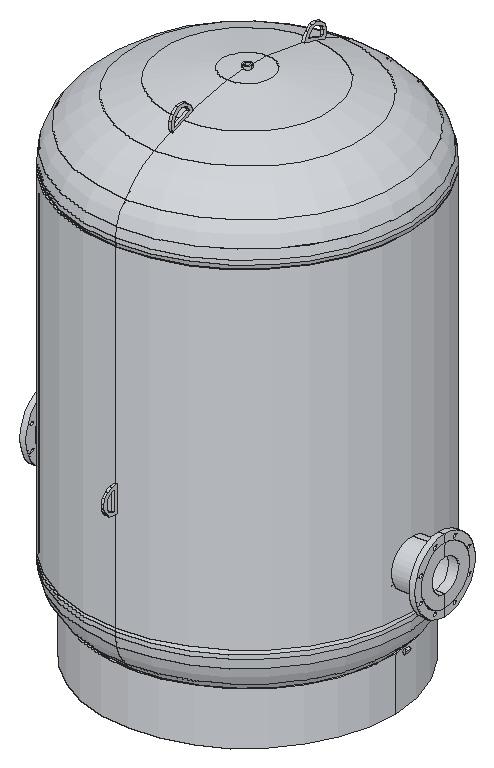
Revit family "CBT-1040-8", category Generic Models, Revit 2014
Parameters (values of type "CBT-1040-8")
  URL = "http://westank.com/"
  Tank Volume = 1040.00 gal
  Part Number = 55601040
  Model = "CBT-1040-8"
  Maximum Shipping Weight = 1945 lbf
  Flange Connector Diameter = 8"
  Description = "Wessels ASME Chilled Water Buffer Tanks (CBT) are designed for chilled water systems with insufficient water volume capacity in relation to the chiller capacity."
  D = 25 3/4"
  C = 54"
  B = 96"
  A = 60"
Reference planes (in)
  plane 1 "Center (Front/Back)": y = 0
  plane 2: z = 0
  plane 3 "Center (Left/Right)": x = 0
  plane 4: through (12.55282, -180, 5.24135) normal (0.8192, 0, -0.5736)
  plane 5: z = 0
  plane 6: x = -0.0258
  plane 7: x = -27
  plane 8: x = 27
  plane 9: x = -30
  plane 10: x = 30
  plane 11: z = 96
  plane 12: z = 25.75
Forms (in)
  Revolve 1, solid
    sketch origin (0, -0.02949, -0.00977) x (0, 1, 0) y (0, 0, 1)
      loop
        line (-29.97363, 17.73105) -> (-29.6633, 17.73105) -> (-29.97363, 16.99998)
        arc (-29.97363, 16.99998) -> (-29.9905, 16.6112) -> (-29.97363, 16.22243) r 4.48712
        arc (-29.97363, 16.22243) -> (-29.85895, 15.37903) -> (-29.6633, 14.55067) r 8.79754
        arc (-29.6633, 14.55067) -> (-28.88711, 12.6325) -> (-27.73091, 10.91637) r 9.94886
        arc (-27.73091, 10.91637) -> (-24.67675, 8.01497) -> (-21.0459, 5.87885) r 18.51926
        arc (-21.0459, 5.87885) -> (-18.06575, 4.56266) -> (-14.9758, 3.53023) r 34.88269
        arc (-14.9758, 3.53023) -> (-9.78068, 2.34042) -> (-4.49193, 1.68164) r 52.6783
        arc (-4.49193, 1.68164) -> (-2.23516, 1.55333) -> (0.02461, 1.49966) r 68.40081
        line (0.02461, 1.49966) -> (0.02461, 1.85123)
        arc (0.02461, 1.85123) -> (-2.22228, 1.90466) -> (-4.46617, 2.03225) r 68.04924
        arc (-4.46617, 2.03225) -> (-9.71963, 2.68664) -> (-14.88008, 3.86851) r 52.32673
        arc (-14.88008, 3.86851) -> (-17.94257, 4.89196) -> (-20.89606, 6.19699) r 34.53113
        arc (-20.89606, 6.19699) -> (-24.46204, 8.29337) -> (-27.46136, 11.14207) r 18.1677
        arc (-27.46136, 11.14207) -> (-28.5767, 12.79754) -> (-29.32546, 14.64794) r 9.5973
        arc (-29.32546, 14.64794) -> (-29.51329, 15.4432) -> (-29.62339, 16.25289) r 8.44598
        arc (-29.62339, 16.25289) -> (-29.63885, 16.58387) -> (-29.62776, 16.91503) r 4.13556
        line (-29.62776, 16.91503) -> (-29.33969, 17.59369) -> (-29.33969, 17.74998) -> (-29.6633, 17.74998) -> (-29.6633, 79.75016) -> (-29.33969, 79.75016) -> (-29.33969, 79.90645) -> (-29.62776, 80.58511)
        arc (-29.62776, 80.58511) -> (-29.63885, 80.91627) -> (-29.62339, 81.24725) r 4.13556
        arc (-29.62339, 81.24725) -> (-29.51329, 82.05694) -> (-29.32546, 82.8522) r 8.44598
        arc (-29.32546, 82.8522) -> (-28.5767, 84.70259) -> (-27.46136, 86.35807) r 9.5973
        arc (-27.46136, 86.35807) -> (-24.46204, 89.20676) -> (-20.89606, 91.30315) r 18.1677
        arc (-20.89606, 91.30315) -> (-17.94257, 92.60818) -> (-14.88008, 93.63163) r 34.53113
        arc (-14.88008, 93.63163) -> (-9.71963, 94.81349) -> (-4.46617, 95.46788) r 52.32673
        arc (-4.46617, 95.46788) -> (-2.22228, 95.59548) -> (0.02461, 95.6489) r 68.04924
        line (0.02461, 95.6489) -> (0.02461, 96.00047)
        arc (0.02461, 96.00047) -> (-2.23516, 95.94681) -> (-4.49193, 95.8185) r 68.40081
        arc (-4.49193, 95.8185) -> (-9.78068, 95.15972) -> (-14.9758, 93.96991) r 52.6783
        arc (-14.9758, 93.96991) -> (-18.06575, 92.93748) -> (-21.0459, 91.62128) r 34.88269
        arc (-21.0459, 91.62128) -> (-24.67675, 89.48517) -> (-27.73091, 86.58376) r 18.51926
        arc (-27.73091, 86.58376) -> (-28.88711, 84.86764) -> (-29.6633, 82.94946) r 9.94886
        arc (-29.6633, 82.94946) -> (-29.85895, 82.1211) -> (-29.97363, 81.27771) r 8.79754
        arc (-29.97363, 81.27771) -> (-29.9905, 80.88893) -> (-29.97363, 80.50016) r 4.48712
        line (-29.97363, 80.50016) -> (-29.6633, 79.76908) -> (-29.97363, 79.76908) -> (-29.97363, 17.73105)
      axis (0.02461, 1.49966) -> (0.02461, 96.00047)
    angle from 0 to 360
  Extrusion 2, solid
    sketch origin (28.26367, -180, 12.16905) x (0.574357, 0, 0.818605) y (0, -1, 0)
      loop
        line (-0.16036, -179.52645) -> (-0.95521, -179.68698) -> (-0.79485, -180.48095) -> (0, -180.32042) -> (-0.16036, -179.52645)
    from 1.02698 to 1.52678
  Extrusion 3, solid
    sketch origin (0, -18.00821, 14.98097) x (0, 1, 0) y (0, 0, 1)
      loop
        line (-11.93439, 21.33067) -> (-11.93439, 26.202)
        arc (-11.93439, 26.202) -> (-12.47846, 26.15164) -> (-13.01533, 26.05008) r 5.77422
        arc (-13.01533, 26.05008) -> (-13.49297, 25.89754) -> (-13.94252, 25.67548) r 3.35288
        arc (-13.94252, 25.67548) -> (-14.34081, 25.36666) -> (-14.64962, 24.96837) r 2.0073
        arc (-14.64962, 24.96837) -> (-14.80343, 24.58932) -> (-14.88788, 24.18906) r 2.30742
        arc (-14.88788, 24.18906) -> (-14.91277, 23.77188) -> (-14.88788, 23.3547) r 3.50846
        arc (-14.88788, 23.3547) -> (-14.79412, 22.92876) -> (-14.61961, 22.52904) r 2.24053
        arc (-14.61961, 22.52904) -> (-14.27401, 22.08806) -> (-13.80999, 21.77406) r 1.8078
        arc (-13.80999, 21.77406) -> (-13.34321, 21.55591) -> (-12.84107, 21.44044) r 2.44481
        arc (-12.84107, 21.44044) -> (-12.39043, 21.36326) -> (-11.93439, 21.33067) r 4.65484
      loop
        arc (-12.44611, 25.63929) -> (-12.67227, 25.60073) -> (-12.89654, 25.55235) r 5.2625
        arc (-12.89654, 25.55235) -> (-13.30128, 25.42308) -> (-13.68221, 25.23491) r 2.84116
        arc (-13.68221, 25.23491) -> (-13.97364, 25.01013) -> (-14.20134, 24.72098) r 1.49558
        arc (-14.20134, 24.72098) -> (-14.3163, 24.43235) -> (-14.37979, 24.12821) r 1.7957
        arc (-14.37979, 24.12821) -> (-14.40106, 23.77188) -> (-14.37979, 23.41555) r 2.99674
        arc (-14.37979, 23.41555) -> (-14.30745, 23.08689) -> (-14.17279, 22.77846) r 1.72881
        arc (-14.17279, 22.77846) -> (-13.91552, 22.45353) -> (-13.56884, 22.22643) r 1.29608
        arc (-13.56884, 22.22643) -> (-13.1779, 22.0402) -> (-12.75531, 21.94566) r 1.9331
        arc (-12.75531, 21.94566) -> (-12.60126, 21.91347) -> (-12.44611, 21.88716) r 4.14312
        line (-12.44611, 21.88716) -> (-12.44611, 25.63929)
    from -0.24366 to 0.25634
  Extrusion 4, solid
    sketch origin (0, -33.88542, 75.23871) x (0, 0.319235, -0.947675) y (0, 0.947675, 0.319235)
      loop
        arc (-11.9298, 25.67102) -> (-12.15596, 25.63246) -> (-12.38023, 25.58408) r 5.2625
        arc (-12.38023, 25.58408) -> (-12.78497, 25.45482) -> (-13.16591, 25.26664) r 2.84116
        arc (-13.16591, 25.26664) -> (-13.45733, 25.04186) -> (-13.68503, 24.75271) r 1.49558
        arc (-13.68503, 24.75271) -> (-13.8, 24.46408) -> (-13.86349, 24.15994) r 1.7957
        arc (-13.86349, 24.15994) -> (-13.88475, 23.80361) -> (-13.86349, 23.44728) r 2.99674
        arc (-13.86349, 23.44728) -> (-13.79114, 23.11862) -> (-13.65649, 22.81019) r 1.72881
        arc (-13.65649, 22.81019) -> (-13.39922, 22.48527) -> (-13.05253, 22.25816) r 1.29608
        arc (-13.05253, 22.25816) -> (-12.66159, 22.07193) -> (-12.239, 21.97739) r 1.9331
        arc (-12.239, 21.97739) -> (-12.08496, 21.94521) -> (-11.9298, 21.91889) r 4.14312
        line (-11.9298, 21.91889) -> (-11.9298, 25.67102)
      loop
        line (-11.41103, 21.34851) -> (-11.41103, 26.20181)
        arc (-11.41103, 26.20181) -> (-12.23704, 26.14877) -> (-13.02719, 25.90227) r 3.48194
        arc (-13.02719, 25.90227) -> (-13.54727, 25.6041) -> (-13.99851, 25.20943) r 3.03185
        arc (-13.99851, 25.20943) -> (-14.28248, 24.55653) -> (-14.39992, 23.8543) r 2.91879
        arc (-14.39992, 23.8543) -> (-14.3348, 23.1787) -> (-14.08611, 22.54717) r 2.44012
        arc (-14.08611, 22.54717) -> (-13.716, 22.08641) -> (-13.21844, 21.76749) r 1.83162
        arc (-13.21844, 21.76749) -> (-12.33366, 21.47637) -> (-11.41103, 21.34851) r 5.1769
    from -0.24366 to 0.25634
  Extrusion 5, solid
    sketch origin (0, 0, 0) x (1, 0, 0) y (0, 1, 0)
      loop
        circle (0, 0) r 0.75
      loop
        circle (0, 0) r 0.5
    from 95.70829 to 96.43302
  Extrusion 6, void
    sketch origin (0, 0, 0) x (1, 0, 0) y (0, 1, 0)
      loop
        circle (0, 0) r 0.5
    from 94.47772 to 96.88292
  Revolve 7, solid
    sketch origin (0, 0, 0) x (1, 0, 0) y (0, 0, 1)
      loop
        line (26.68524, 9.73105) -> (26.68524, 0) -> (26.99808, 0) -> (26.99808, 9.73105) -> (26.68524, 9.73105)
      axis (0, 9.73105) -> (0, 0)
    angle from 0 to 360
  Extrusion 8, void
    sketch origin (0, 0, 0.75) x (0, 1, 0) y (0, 0, 1)
      loop
        circle (0, 25) r 3.99051
    from -31.75655 to 32.4227
  Revolve 9, solid
    sketch origin (-4.98614, 0, 4.5004) x (-1, 0, 0) y (0, 0, 1)
      loop
        line (29.26193, 18.22631) -> (29.26193, 16.40585) -> (29.88885, 16.40585) -> (29.88885, 14.49948) -> (30.95129, 14.49948) -> (30.95129, 15.93698) -> (31.01386, 15.93698) -> (31.01386, 18.22631) -> (29.26193, 18.22631)
      axis (31.01386, 21.2496) -> (29.26193, 21.2496)
    angle from 0 to 360
  Revolve 10, solid
    sketch origin (-3.60333, 0, 4.47111) x (1, 0, 0) y (0, 0, 1)
      loop
        line (-31.27159, 17.28839) -> (-31.27159, 16.96639) -> (-24.89667, 16.96639) -> (-24.89667, 17.28839) -> (-31.27159, 17.28839)
      axis (-31.27159, 21.27889) -> (-24.89667, 21.27889)
    angle from 0 to 360
  Extrusion 11, void
    sketch origin (0, 0, 3.24977) x (0, 1, 0) y (0, 0, 1)
      loop
        circle (2.23754, 27.938) r 0.43083
      loop
        circle (-2.23752, 27.92813) r 0.44255
      loop
        circle (5.4208, 24.76768) r 0.42009
      loop
        circle (5.43999, 20.27075) r 0.43484
      loop
        circle (2.24212, 17.07311) r 0.43558
      loop
        circle (-2.26404, 17.07836) r 0.4271
      loop
        circle (-5.44433, 20.2559) r 0.42888
      loop
        circle (-5.4288, 24.7474) r 0.42838
    from -37.7315 to -32.22895
  Extrusion 12, solid
    sketch origin (0, 33.88542, 75.23871) x (0, -0.319235, -0.947675) y (0, 0.947675, -0.319235)
      loop
        line (-11.9298, -25.67102) -> (-11.9298, -21.91889)
        arc (-11.9298, -21.91889) -> (-12.08496, -21.94521) -> (-12.239, -21.97739) r 4.14312
        arc (-12.239, -21.97739) -> (-12.66159, -22.07193) -> (-13.05253, -22.25816) r 1.9331
        arc (-13.05253, -22.25816) -> (-13.39922, -22.48527) -> (-13.65649, -22.81019) r 1.29608
        arc (-13.65649, -22.81019) -> (-13.79114, -23.11862) -> (-13.86349, -23.44728) r 1.72881
        arc (-13.86349, -23.44728) -> (-13.88475, -23.80361) -> (-13.86349, -24.15994) r 2.99674
        arc (-13.86349, -24.15994) -> (-13.8, -24.46408) -> (-13.68503, -24.75271) r 1.7957
        arc (-13.68503, -24.75271) -> (-13.45733, -25.04186) -> (-13.16591, -25.26664) r 1.49558
        arc (-13.16591, -25.26664) -> (-12.78497, -25.45482) -> (-12.38023, -25.58408) r 2.84116
        arc (-12.38023, -25.58408) -> (-12.15596, -25.63246) -> (-11.9298, -25.67102) r 5.2625
      loop
        arc (-11.41103, -21.34851) -> (-12.33366, -21.47637) -> (-13.21844, -21.76749) r 5.1769
        arc (-13.21844, -21.76749) -> (-13.716, -22.08641) -> (-14.08611, -22.54717) r 1.83162
        arc (-14.08611, -22.54717) -> (-14.3348, -23.1787) -> (-14.39992, -23.8543) r 2.44012
        arc (-14.39992, -23.8543) -> (-14.28248, -24.55653) -> (-13.99851, -25.20943) r 2.91879
        arc (-13.99851, -25.20943) -> (-13.54727, -25.6041) -> (-13.02719, -25.90227) r 3.03185
        arc (-13.02719, -25.90227) -> (-12.23704, -26.14877) -> (-11.41103, -26.20181) r 3.48194
        line (-11.41103, -26.20181) -> (-11.41103, -21.34851)
    from -0.24366 to 0.25634
  Revolve 13, solid
    sketch origin (4.98614, 0, 4.5004) x (1, 0, 0) y (0, 0, 1)
      loop
        line (29.26193, 18.22631) -> (29.26193, 16.40585) -> (29.88885, 16.40585) -> (29.88885, 14.49948) -> (30.95129, 14.49948) -> (30.95129, 15.93698) -> (31.01386, 15.93698) -> (31.01386, 18.22631) -> (29.26193, 18.22631)
      axis (31.01386, 21.2496) -> (29.26193, 21.2496)
    angle from 0 to 360
  Revolve 14, solid
    sketch origin (3.60333, 0, 4.47111) x (-1, 0, 0) y (0, 0, 1)
      loop
        line (-31.27159, 17.28839) -> (-31.27159, 16.96639) -> (-24.89667, 16.96639) -> (-24.89667, 17.28839) -> (-31.27159, 17.28839)
      axis (-31.27159, 21.27889) -> (-24.89667, 21.27889)
    angle from 0 to 360
  Extrusion 15, void
    sketch origin (0, 0, 3.24977) x (0, 1, 0) y (0, 0, -1)
      loop
        circle (2.23754, -27.938) r 0.43083
      loop
        circle (-2.23752, -27.92813) r 0.44255
      loop
        circle (5.4208, -24.76768) r 0.42009
      loop
        circle (5.43999, -20.27075) r 0.43484
      loop
        circle (2.24212, -17.07311) r 0.43558
      loop
        circle (-2.26404, -17.07836) r 0.4271
      loop
        circle (-5.44433, -20.2559) r 0.42888
      loop
        circle (-5.4288, -24.7474) r 0.42838
    from -37.7315 to -32.22895
Cuts and joins
  joined: Extrusion 2, Extrusion 3, Extrusion 4, Extrusion 5, Revolve 7
  Extrusion 6, Extrusion 8, Extrusion 11 cuts Revolve 1
  Extrusion 11, Extrusion 15 cuts Revolve 9
  Extrusion 15 cuts Revolve 13
Dimensions and locks (in)
  "B": plane 11 to level
  equal spacing: plane 10, plane 3 "Center (Left/Right)", plane 9
  "A": plane 10 to plane 9
  equal spacing: plane 8, plane 3 "Center (Left/Right)", plane 7
  "C": plane 8 to plane 7
  aligned and locked: plane 2 to level
Automatic sketch dimensions
  Revolve 1 sketch curve to Revolve 1 sketch curve = 0"  (x48)
  Revolve 1 sketch curve to plane 12 = 8.02871"
  plane 1 "Center (Front/Back)" to Revolve 1 sketch curve = 30.00312"
  Revolve 1 sketch curve to plane 12 = 8.75979"
  Revolve 1 sketch curve to Revolve 1 sketch curve = 0.31032"
  Revolve 1 sketch curve to plane 12 = 8.84474"
  Revolve 1 sketch curve to Revolve 1 sketch curve = 0.34586"  (x2)
  Revolve 1 sketch curve to Revolve 1 sketch curve = 0.32361"  (x2)
  Revolve 1 sketch curve to plane 12 = 8.16608"
  Revolve 1 sketch curve to Revolve 1 sketch curve = 3.83631"  (x2)
  Revolve 1 sketch curve to Revolve 1 sketch curve = 4.29421"  (x2)
  Revolve 1 sketch curve to Revolve 1 sketch curve = 1.10638"  (x2)
  Revolve 1 sketch curve to plane 12 = 2.95466"
  Revolve 1 sketch curve to Revolve 1 sketch curve = 6.57121"  (x2)
  plane 1 "Center (Front/Back)" to Revolve 1 sketch curve = 5.50785"  (x2)
  plane 1 "Center (Front/Back)" to Revolve 1 sketch curve = 0.66268"  (x2)
  plane 1 "Center (Front/Back)" to Revolve 1 sketch curve = 0.00488"  (x3)
  Revolve 1 sketch curve to plane 1 "Center (Front/Back)" = 0.48901"  (x2)
  Revolve 1 sketch curve to Revolve 1 sketch curve = 0.98249"  (x2)
  level to Revolve 1 sketch curve = 1.84147"
  Revolve 1 sketch curve to Revolve 1 sketch curve = 45/128"
  Revolve 1 sketch curve to Revolve 1 sketch curve = 0.37347"
  Revolve 1 sketch curve to Revolve 1 sketch curve = 0.31853"  (x2)
  Revolve 1 sketch curve to Revolve 1 sketch curve = 0.01892"  (x2)
  plane 12 to Revolve 1 sketch curve = 1.84168"
  Revolve 1 sketch curve to Revolve 1 sketch curve = 9.49365"  (x2)
  Revolve 1 sketch curve to Revolve 1 sketch curve = 6.18662"  (x2)
  Revolve 1 sketch curve to Revolve 1 sketch curve = 10.93669"
  Revolve 1 sketch curve to Revolve 1 sketch curve = 4.79634"
  Revolve 1 sketch curve to plane 11 = 16.25961"
  Revolve 1 sketch curve to Revolve 1 sketch curve = 0.15629"
  Revolve 1 sketch curve to Revolve 1 sketch curve = 5.5019"
  Revolve 1 sketch curve to Revolve 1 sketch curve = 0.73108"
  Revolve 1 sketch curve to Revolve 1 sketch curve = 0.08495"
  Revolve 1 sketch curve to plane 11 = 0.36086"
  Revolve 1 sketch curve to plane 11 = 0.00929"
  Revolve 1 sketch curve to plane 11 = 4.38848"
  level to Revolve 1 sketch curve = 5.86909"
  Revolve 1 sketch curve to Revolve 1 sketch curve = 0.14983"  (x2)
  Revolve 1 sketch curve to Revolve 1 sketch curve = 1.29164"
  Revolve 1 sketch curve to Revolve 1 sketch curve = 3 3/4"
  plane 1 "Center (Front/Back)" to Extrusion 2 sketch curve = 0.31302"
  Extrusion 2 sketch curve to plane 1 "Center (Front/Back)" = 0.48095"
  Extrusion 2 sketch curve to Extrusion 2 sketch curve = 0.16036"  (x2)
  plane 1 "Center (Front/Back)" to Extrusion 2 sketch curve = 0.47355"
  Extrusion 2 sketch curve to Extrusion 2 sketch curve = 0.79485"
  Extrusion 2 sketch curve to plane 1 "Center (Front/Back)" = 0.32042"
  Extrusion 3 sketch curve to Extrusion 3 sketch curve = 0"  (x24)
  plane 1 "Center (Front/Back)" to Extrusion 3 sketch curve = 31.04931"
  Extrusion 3 sketch curve to Extrusion 3 sketch curve = 0.11966"
  Extrusion 3 sketch curve to Extrusion 3 sketch curve = 0.25819"
  Extrusion 3 sketch curve to Extrusion 3 sketch curve = 17/256"
  Extrusion 3 sketch curve to Extrusion 3 sketch curve = 0.04958"
  Extrusion 3 sketch curve to Extrusion 3 sketch curve = 0.15073"
  Extrusion 3 sketch curve to Extrusion 3 sketch curve = 0.20915"
  Extrusion 3 sketch curve to Extrusion 3 sketch curve = 131/256"
  Extrusion 3 sketch curve to Extrusion 3 sketch curve = 0.10338"
  Extrusion 3 sketch curve to Extrusion 3 sketch curve = 0.25955"
  Extrusion 3 sketch curve to Extrusion 3 sketch curve = 1.14294"
  plane 12 to Extrusion 3 sketch curve = 9.66459"
  Extrusion 3 sketch curve to Extrusion 3 sketch curve = 0.89706"
  Extrusion 3 sketch curve to Extrusion 3 sketch curve = 0.55648"
  Extrusion 3 sketch curve to Extrusion 3 sketch curve = 0.90165"
  Extrusion 3 sketch curve to Extrusion 3 sketch curve = 0.62139"
  Extrusion 3 sketch curve to Extrusion 3 sketch curve = 27/128"
  Extrusion 3 sketch curve to Extrusion 3 sketch curve = 0.15076"
  Extrusion 3 sketch curve to Extrusion 3 sketch curve = 0.24641"
  Extrusion 3 sketch curve to Extrusion 3 sketch curve = 0.04716"
  Extrusion 3 sketch curve to Extrusion 3 sketch curve = 0.0326"
  Extrusion 3 sketch curve to Extrusion 3 sketch curve = 1.7246"
  Extrusion 3 sketch curve to Extrusion 3 sketch curve = 0.34507"
  Extrusion 3 sketch curve to Extrusion 3 sketch curve = 0.21764"
  Extrusion 3 sketch curve to Extrusion 3 sketch curve = 1.12273"
  Extrusion 3 sketch curve to Extrusion 3 sketch curve = 0.78568"
  Extrusion 3 sketch curve to Extrusion 3 sketch curve = 0.24115"
  Extrusion 3 sketch curve to Extrusion 3 sketch curve = 0.2603"
  Extrusion 3 sketch curve to Extrusion 3 sketch curve = 0.60395"
  Extrusion 3 sketch curve to Extrusion 3 sketch curve = 0.51913"
  Extrusion 3 sketch curve to Extrusion 3 sketch curve = 0.44682"
  Extrusion 3 sketch curve to Extrusion 3 sketch curve = 0.44829"
  Extrusion 4 sketch curve to plane 11 = 1.40836"
  plane 1 "Center (Front/Back)" to Extrusion 4 sketch curve = 15.66843"
  Extrusion 4 sketch curve to Extrusion 4 sketch curve = 0.03301"
  Extrusion 4 sketch curve to Extrusion 4 sketch curve = 0.08665"
  Extrusion 4 sketch curve to Extrusion 4 sketch curve = 0.34483"
  Extrusion 4 sketch curve to Extrusion 4 sketch curve = 17/256"
  Extrusion 4 sketch curve to Extrusion 4 sketch curve = 0.04958"
  Extrusion 4 sketch curve to Extrusion 4 sketch curve = 0.06885"
  Extrusion 4 sketch curve to Extrusion 4 sketch curve = 0.56197"
  Extrusion 4 sketch curve to Extrusion 4 sketch curve = 0.36028"
  Extrusion 4 sketch curve to Extrusion 4 sketch curve = 0.06601"
  Extrusion 4 sketch curve to Extrusion 4 sketch curve = 0.11815"
  Extrusion 4 sketch curve to Extrusion 4 sketch curve = 0.47821"
  Extrusion 4 sketch curve to Extrusion 4 sketch curve = 0.51877"
  Extrusion 4 sketch curve to Extrusion 4 sketch curve = 0.09632"
  Extrusion 4 sketch curve to Extrusion 4 sketch curve = 0.24644"
  Extrusion 4 sketch curve to Extrusion 4 sketch curve = 0.25249"
  Extrusion 4 sketch curve to Extrusion 4 sketch curve = 0.59588"
  Extrusion 4 sketch curve to Extrusion 4 sketch curve = 0.3061"
  Extrusion 4 sketch curve to Extrusion 4 sketch curve = 0.31529"
  Extrusion 4 sketch curve to Extrusion 4 sketch curve = 0.0954"
  Extrusion 4 sketch curve to Extrusion 4 sketch curve = 0.80625"
  Extrusion 4 sketch curve to Extrusion 4 sketch curve = 0.57038"
  Extrusion 4 sketch curve to Extrusion 4 sketch curve = 0.88316"
  Extrusion 4 sketch curve to Extrusion 4 sketch curve = 0.00686"
  Extrusion 4 sketch curve to Extrusion 4 sketch curve = 0.20406"
  Extrusion 4 sketch curve to Extrusion 4 sketch curve = 0.59172"
  Extrusion 4 sketch curve to Extrusion 4 sketch curve = 0.09548"
  Extrusion 4 sketch curve to Extrusion 4 sketch curve = 0.07607"
  Extrusion 4 sketch curve to Extrusion 4 sketch curve = 0.15093"
  Extrusion 4 sketch curve to Extrusion 4 sketch curve = 0.04716"
  Extrusion 4 sketch curve to Extrusion 4 sketch curve = 0.0326"
  Extrusion 4 sketch curve to Extrusion 4 sketch curve = 1.7246"
  Extrusion 4 sketch curve to Extrusion 4 sketch curve = 0.34507"
  Extrusion 4 sketch curve to Extrusion 4 sketch curve = 0.18571"
  Extrusion 4 sketch curve to Extrusion 4 sketch curve = 0.31774"
  Extrusion 4 sketch curve to Extrusion 4 sketch curve = 0"  (x6)
  Extrusion 4 sketch curve to Extrusion 4 sketch curve = 0.1659"
  Extrusion 4 sketch curve to Extrusion 4 sketch curve = 0.13872"
  Extrusion 4 sketch curve to Extrusion 4 sketch curve = 0.42962"
  Extrusion 4 sketch curve to Extrusion 4 sketch curve = 0.51913"
  Extrusion 4 sketch curve to Extrusion 4 sketch curve = 0.31348"
  Extrusion 5 sketch curve to Extrusion 5 sketch curve = 0"  (x2)
  plane 1 "Center (Front/Back)" to Extrusion 5 sketch curve = 0"
  Extrusion 5 sketch curve to plane 3 "Center (Left/Right)" = 0"
  Extrusion 6 sketch curve to Extrusion 6 sketch curve = 0"  (x2)
  plane 1 "Center (Front/Back)" to Extrusion 6 sketch curve = 0"
  Extrusion 6 sketch curve to plane 3 "Center (Left/Right)" = 0"
  plane 6 to Extrusion 6 sketch curve = 0.4742"
  Revolve 7 sketch curve to plane 3 "Center (Left/Right)" = 0"
  Revolve 7 sketch curve to level = 0"
  Revolve 7 sketch curve to plane 8 = 0.31476"
  Revolve 7 sketch curve to plane 8 = 0.00192"
  level to Revolve 7 sketch curve = 9.73105"
  level to Revolve 7 sketch curve = 4.69941"
  Revolve 7 sketch curve to Revolve 7 sketch curve = 1"
  Extrusion 8 sketch curve to Extrusion 8 sketch curve = 0"  (x2)
  Extrusion 8 sketch curve to plane 1 "Center (Front/Back)" = 0"
  Extrusion 8 sketch curve to plane 12 = 0"
  Extrusion 8 sketch curve to Extrusion 8 sketch curve = 3.99051"
  Revolve 9 sketch curve to plane 12 = 0"
  plane 9 to Revolve 9 sketch curve = 4.24807"
  Revolve 9 sketch curve to Revolve 9 sketch curve = 0.62693"
  Revolve 9 sketch curve to Revolve 9 sketch curve = 1.06244"
  Revolve 9 sketch curve to Revolve 9 sketch curve = 1.75193"
  plane 12 to Revolve 9 sketch curve = 3.02328"
  Revolve 9 sketch curve to Revolve 9 sketch curve = 1.82047"
  Revolve 9 sketch curve to Revolve 9 sketch curve = 0.46887"
  Revolve 9 sketch curve to Revolve 9 sketch curve = 1 7/16"
  plane 9 to Revolve 9 sketch curve = 1.23645"
  plane 9 to Revolve 9 sketch curve = 0.55366"
  Revolve 10 sketch curve to plane 12 = 0"
  Revolve 10 sketch curve to plane 9 = 4.87492"
  Revolve 10 sketch curve to plane 7 = 1 1/2"
  Revolve 10 sketch curve to plane 12 = 3.99051"
  Revolve 10 sketch curve to Revolve 10 sketch curve = 0.32199"
  plane 9 to Revolve 10 sketch curve = 0.62488"
  Revolve 10 sketch curve to Revolve 10 sketch curve = 0.36015"
  Extrusion 11 sketch curve to plane 12 = 2.24433"
  plane 1 "Center (Front/Back)" to Extrusion 11 sketch curve = 5.44433"
  Extrusion 11 sketch curve to Extrusion 11 sketch curve = 0.01553"
  plane 1 "Center (Front/Back)" to Extrusion 11 sketch curve = 2.26404"
  plane 1 "Center (Front/Back)" to Extrusion 11 sketch curve = 2.23752"
  Extrusion 11 sketch curve to plane 1 "Center (Front/Back)" = 2.23754"
  Extrusion 11 sketch curve to plane 1 "Center (Front/Back)" = 2.24212"
  Extrusion 11 sketch curve to Extrusion 11 sketch curve = 3.18326"
  Extrusion 11 sketch curve to plane 12 = 2.22948"
  Extrusion 11 sketch curve to Extrusion 11 sketch curve = 0.01919"
  Extrusion 11 sketch curve to Extrusion 11 sketch curve = 3.17754"
  Extrusion 11 sketch curve to Extrusion 11 sketch curve = 0.00525"
  plane 12 to Extrusion 11 sketch curve = 2.24718"
  plane 12 to Extrusion 11 sketch curve = 2.26745"
  Extrusion 11 sketch curve to Extrusion 11 sketch curve = 3.18073"
  Extrusion 11 sketch curve to Extrusion 11 sketch curve = 0.00987"
  plane 11 to Extrusion 12 sketch curve = 1.40836"
  plane 1 "Center (Front/Back)" to Extrusion 12 sketch curve = 15.66843"
  Extrusion 12 sketch curve to Extrusion 12 sketch curve = 0.03301"
  Extrusion 12 sketch curve to Extrusion 12 sketch curve = 0.08665"
  Extrusion 12 sketch curve to Extrusion 12 sketch curve = 0.34483"
  Extrusion 12 sketch curve to Extrusion 12 sketch curve = 17/256"
  Extrusion 12 sketch curve to Extrusion 12 sketch curve = 0.04958"
  Extrusion 12 sketch curve to Extrusion 12 sketch curve = 0.06885"
  Extrusion 12 sketch curve to Extrusion 12 sketch curve = 0.56197"
  Extrusion 12 sketch curve to Extrusion 12 sketch curve = 0.36028"
  Extrusion 12 sketch curve to Extrusion 12 sketch curve = 0.06601"
  Extrusion 12 sketch curve to Extrusion 12 sketch curve = 0.11815"
  Extrusion 12 sketch curve to Extrusion 12 sketch curve = 0.47821"
  Extrusion 12 sketch curve to Extrusion 12 sketch curve = 0.51877"
  Extrusion 12 sketch curve to Extrusion 12 sketch curve = 0.09632"
  Extrusion 12 sketch curve to Extrusion 12 sketch curve = 0.24644"
  Extrusion 12 sketch curve to Extrusion 12 sketch curve = 0.25249"
  Extrusion 12 sketch curve to Extrusion 12 sketch curve = 0.59588"
  Extrusion 12 sketch curve to Extrusion 12 sketch curve = 0.3061"
  Extrusion 12 sketch curve to Extrusion 12 sketch curve = 0.31529"
  Extrusion 12 sketch curve to Extrusion 12 sketch curve = 0.0954"
  Extrusion 12 sketch curve to Extrusion 12 sketch curve = 0.80625"
  Extrusion 12 sketch curve to Extrusion 12 sketch curve = 0.57038"
  Extrusion 12 sketch curve to Extrusion 12 sketch curve = 0.88316"
  Extrusion 12 sketch curve to Extrusion 12 sketch curve = 0.00686"
  Extrusion 12 sketch curve to Extrusion 12 sketch curve = 0.20406"
  Extrusion 12 sketch curve to Extrusion 12 sketch curve = 0.59172"
  Extrusion 12 sketch curve to Extrusion 12 sketch curve = 0.09548"
  Extrusion 12 sketch curve to Extrusion 12 sketch curve = 0.07607"
  Extrusion 12 sketch curve to Extrusion 12 sketch curve = 0.15093"
  Extrusion 12 sketch curve to Extrusion 12 sketch curve = 0.04716"
  Extrusion 12 sketch curve to Extrusion 12 sketch curve = 0.0326"
  Extrusion 12 sketch curve to Extrusion 12 sketch curve = 1.7246"
  Extrusion 12 sketch curve to Extrusion 12 sketch curve = 0.34507"
  Extrusion 12 sketch curve to Extrusion 12 sketch curve = 0.18571"
  Extrusion 12 sketch curve to Extrusion 12 sketch curve = 0.31774"
  Extrusion 12 sketch curve to Extrusion 12 sketch curve = 0"  (x6)
  Extrusion 12 sketch curve to Extrusion 12 sketch curve = 0.1659"
  Extrusion 12 sketch curve to Extrusion 12 sketch curve = 0.13872"
  Extrusion 12 sketch curve to Extrusion 12 sketch curve = 0.42962"
  Extrusion 12 sketch curve to Extrusion 12 sketch curve = 0.51913"
  Extrusion 12 sketch curve to Extrusion 12 sketch curve = 0.31348"
  Revolve 13 sketch curve to plane 12 = 0"
  plane 10 to Revolve 13 sketch curve = 4.24807"
  Revolve 13 sketch curve to Revolve 13 sketch curve = 0.62693"
  Revolve 13 sketch curve to Revolve 13 sketch curve = 1.06244"
  Revolve 13 sketch curve to Revolve 13 sketch curve = 1.75193"
  Revolve 13 sketch curve to plane 12 = 3.02328"
  Revolve 13 sketch curve to Revolve 13 sketch curve = 1.82047"
  Revolve 13 sketch curve to Revolve 13 sketch curve = 0.46887"
  Revolve 13 sketch curve to Revolve 13 sketch curve = 1 7/16"
  plane 10 to Revolve 13 sketch curve = 1.23645"
  plane 10 to Revolve 13 sketch curve = 0.55366"
  Revolve 14 sketch curve to plane 12 = 0"
  Revolve 14 sketch curve to plane 10 = 4.87492"
  Revolve 14 sketch curve to plane 8 = 1 1/2"
  plane 12 to Revolve 14 sketch curve = 3.99051"
  Revolve 14 sketch curve to Revolve 14 sketch curve = 0.32199"
  plane 10 to Revolve 14 sketch curve = 0.62488"
  Revolve 14 sketch curve to Revolve 14 sketch curve = 0.36015"
  Extrusion 15 sketch curve to plane 12 = 2.24433"
  plane 1 "Center (Front/Back)" to Extrusion 15 sketch curve = 5.44433"
  Extrusion 15 sketch curve to Extrusion 15 sketch curve = 0.01553"
  plane 1 "Center (Front/Back)" to Extrusion 15 sketch curve = 2.26404"
  plane 1 "Center (Front/Back)" to Extrusion 15 sketch curve = 2.23752"
  Extrusion 15 sketch curve to plane 1 "Center (Front/Back)" = 2.23754"
  Extrusion 15 sketch curve to plane 1 "Center (Front/Back)" = 2.24212"
  Extrusion 15 sketch curve to Extrusion 15 sketch curve = 3.18326"
  Extrusion 15 sketch curve to plane 12 = 2.22948"
  Extrusion 15 sketch curve to Extrusion 15 sketch curve = 0.01919"
  plane 12 to Extrusion 15 sketch curve = 2.24718"
  plane 12 to Extrusion 15 sketch curve = 2.26745"
  Extrusion 15 sketch curve to Extrusion 15 sketch curve = 3.18073"
  Extrusion 15 sketch curve to Extrusion 15 sketch curve = 0.00987"
  Extrusion 15 sketch curve to Extrusion 15 sketch curve = 3.17754"
  Extrusion 15 sketch curve to Extrusion 15 sketch curve = 0.00525"
  radius of Extrusion 5 sketch curve = 3/4"
  radius of Extrusion 5 sketch curve = 1/2"
  radius of Extrusion 11 sketch curve = 0.43083"
  radius of Extrusion 11 sketch curve = 0.44255"
  radius of Extrusion 11 sketch curve = 0.42009"
  radius of Extrusion 11 sketch curve = 0.43484"
  radius of Extrusion 11 sketch curve = 0.43558"
  radius of Extrusion 11 sketch curve = 0.4271"
  radius of Extrusion 11 sketch curve = 0.42888"
  radius of Extrusion 11 sketch curve = 0.42838"
  radius of Extrusion 15 sketch curve = 0.43083"
  radius of Extrusion 15 sketch curve = 0.44255"
  radius of Extrusion 15 sketch curve = 0.42009"
  radius of Extrusion 15 sketch curve = 0.43484"
  radius of Extrusion 15 sketch curve = 0.43558"
  radius of Extrusion 15 sketch curve = 0.4271"
  radius of Extrusion 15 sketch curve = 0.42888"
  radius of Extrusion 15 sketch curve = 0.42838"
Connectors (in)
  piping at (-36, 0, 25.75), diameter 8, driven by "Flange Connector Diameter"
    settings: on Revolve 9, index 2, connector inside diameter 24", connector length 0", flow factor 0, pipe flow 0 GPM, pressure drop 0.00 psi, fitting loss kfactor 0, connector angle 0.00°, fixture units 0, engagement length 0", angle of deflection 0.00°, flow configuration 0, flow direction 0, fitting loss method 0, system type 7, joint type 0, gender type 0, connector reference index 3, connector utility 0, adjustable connector no, is connector primary yes, connector description ""
  piping at (36, 0, 25.75), diameter 8, driven by "Flange Connector Diameter"
    settings: on Revolve 13, index 3, connector inside diameter 24", connector length 0", flow factor 0, pipe flow 0 GPM, pressure drop 0.00 psi, fitting loss kfactor 0, connector angle 0.00°, fixture units 0, engagement length 0", angle of deflection 0.00°, flow configuration 0, flow direction 0, fitting loss method 0, system type 7, joint type 0, gender type 0, connector reference index 2, connector utility 0, adjustable connector no, is connector primary no, connector description ""
